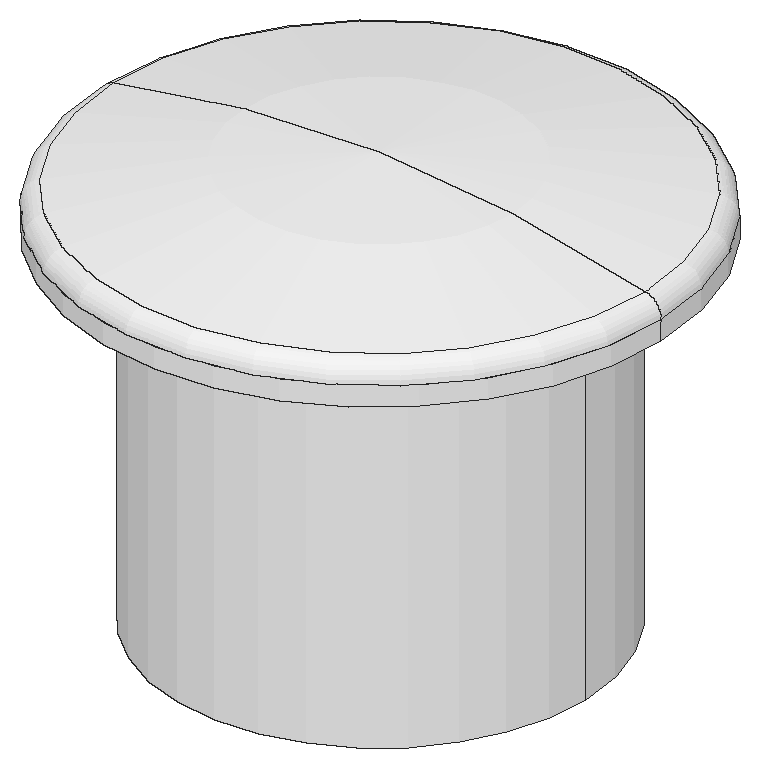
Revit family "Reece_Basin_LAUFEN_The New Classic_Wall or Above Counter Basin_800 mm", category Plumbing Fixtures, host Face, Revit 2018
Family settings
  Host = Face
  Round Connector Dimension = Use Diameter
  Part Type = Normal
  Cut with Voids When Loaded = Yes
  Shared = Yes
  Room Calculation Point = Yes
Parameters (values of type "1 Taphole_SaphirKeramik_White")
  URL = "https://www.reece.com.au/product/-9509860"
  Type Comments = "Basin"
  Reece_Product_Web Page = "https://www.reece.com.au/product/-9509860"
  Reece_Product_Type = "Basin"  # constant formula
  Reece_Product_Sub Brand = "The New Classic"  # constant formula
  Reece_Product_Number = "9509860"
  Reece_Product_Mount = "Wall Mounted"
  Reece_Product_Description = "LAUFEN The New Classic Wall/Counter Basin 1 Taphole with Overflow 800x480mm White"
  Reece_Product_Brand = "LAUFEN"  # constant formula
  Reece_Overall_Width = 800 mm  # constant formula
  Reece_Overall_Height = 120 mm  # constant formula
  Reece_Overall_Depth = 480 mm  # constant formula
  Reece_Material_Main = Reece_SaphirKeramik_White
  Reece_Height_From_Level [instance] = 900 mm
  Reece_Detail_Installation = "Wall / Above Counter Basin"  # constant formula
  Reece_Detail_Disclaimer = "THIS FILE IS THE PROPERTY OF THE REECE GROUP. IT MAY NOT BE REPRODUCED, REVERSE-ENGINEERED OR MODIFIED. ANY REPUBLICATION, TRANSMISSION OR DISTRIBUTION FOR THE PURPOSE OF COMMERCIALLY EXPLOITING THE FILES IS PROHIBITED."  # constant formula
  Reece_Detail_Connector = "1 Taphole"  # constant formula
  Reece_Detail_Additional = "Integrated Overflow"  # constant formula
  Reece_Basin_Taphole 1 = yes
  Reece_Basin_Outlet = 40 mm  # constant formula
  Model = "The New Classic"
  Manufacturer = "LAUFEN"
  Keynote = "Product #9509860, Reece_Basin_LAUFEN_The New Classic_Wall or Above Counter Basin_800 mm - 1 Taphole_SaphirKeramik_White"
  Disclaimer = "THIS FILE IS THE PROPERTY OF THE REECE GROUP. IT MAY NOT BE REPRODUCED, REVERSE-ENGINEERED OR MODIFIED. ANY REPUBLICATION, TRANSMISSION OR DISTRIBUTION FOR THE PURPOSE OF COMMERCIALLY EXPLOITING THE FILES IS PROHIBITED."  # constant formula
  Description = "LAUFEN The New Classic Wall / Counter Basin 1 Taphole with Over Flow 800x480mm White"
  Default Elevation = 0 mm
Reference planes
  plane 1 "Center (Front/Back)": y = 0
  plane 2 "Bottom Host Plane": z = -5
  plane 3 "Center (Left/Right)": x = 0
  plane 4: x = -400
  plane 5: x = 400
  plane 6 "Top Host Plane": z = 900
  plane 7: y = -480
  plane 8: y = -240
  plane 9: y = -130
  plane 10: y = -330
  plane 11: z = 760
  plane 12: y = -235
  plane 13: y = -70
  plane 14: x = 140
  plane 15: x = -140
  plane 16: z = 850
  plane 17: z = 735
  plane 18: x = -312.5
  plane 19: x = 312.5
  plane 20: z = 825
Forms (mm)
  Extrusion 1, void
    sketch origin (0, 0, 0) x (0, 1, 0) y (0, 0, 1)
      loop
        line (0, 825) -> (-330, 825) -> (-330, 735) -> (0, 735) -> (0, 825)
    from -400 to 400
Lines and regions (mm)
  model lines, style "InvisibleLines"
    curve 1: line (0, 0, -5) -> (0, 0, 900)
  model lines, visible <- "Reece_Basin_Taphole 1"
    curve 2: circle (-0.009, -70, 900) r 15 normal (0, 0, 1)
Text (mm)
  text "Reece ©" at (2721.902, -2127.292, 3167.619), in view "Reece Preview"
  text "Reece Copyright © 2018, Reece Ltd." at (-615.985, -694.172, 0), in view "Ref. Level"
Dimensions and locks
  "Reece_Overall_Width": plane 4 to plane 5
  equal spacing: plane 4, plane 3 "Center (Left/Right)", plane 5
  "Reece_Overall_Depth": plane 7 to plane 1 "Center (Front/Back)"
  equal spacing: plane 7, plane 8, plane 1 "Center (Front/Back)"
  locked: plane 6 "Top Host Plane" to plane 11 at 140
  plane 10 to plane 1 "Center (Front/Back)" = 330 mm
  plane 12 to plane 1 "Center (Front/Back)" = 235 mm
  plane 14 to plane 15 = 280 mm
  locked: plane 16 to plane 6 "Top Host Plane" at 50
  plane 11 to plane 6 "Top Host Plane" = 140 mm
  locked: plane 6 "Top Host Plane" to plane 17 at 165
  plane 18 to plane 19 = 625 mm
  plane 9 to plane 7 = 350 mm
  plane 12 to plane 13 = 165 mm
  curve 1 to plane 7 = 480 mm
  plane 6 "Top Host Plane" to plane 11 = 140 mm  (x2)
  plane 6 "Top Host Plane" to plane 17 = 165 mm  (x2)
  plane 17 to plane 6 "Top Host Plane" = 165 mm
  plane 5 to plane 4 = 800 mm
  plane 6 "Top Host Plane" to level = 900 mm  (x3)
  plane 6 "Top Host Plane" to plane 20 = 75 mm
  aligned and locked: plane 2 "Bottom Host Plane" to curve 1
  aligned and locked: plane 10 to Extrusion 1
  aligned and locked: Extrusion 1 to plane 1 "Center (Front/Back)"
  aligned and locked: Extrusion 1 to plane 5
Automatic sketch dimensions
  Extrusion 1 sketch curve to plane 10 = 0 mm
  Extrusion 1 sketch curve to plane 1 "Center (Front/Back)" = 0 mm
  Extrusion 1 sketch curve to plane 11 = 25 mm
  plane 16 to Extrusion 1 sketch curve = 25 mm
  curve 1 to plane 6 "Top Host Plane" = 0 mm
  plane 13 to curve 2 = 0 mm
  curve 2 to plane 3 "Center (Left/Right)" = 0.009 mm
  radius of curve 2 = 15 mm
Nested families
  nested 1: "Reece_Basin_LAUFEN_The New Classic_Wall or Above Counter Basin_800 mm_Nested" at (0, 0, 0), Reece_Material_Main <- "Reece_Material_Main", type "Reece_Basin_LAUFEN_The New Classic_Wall or Above Counter Basin_800 mm_Nested"
    with Reece_Material_Main Reece_SaphirKeramik_White
Connectors
  piping at (0, -235, 735), diameter 40, driven by "Reece_Basin_Outlet"
    settings: on nested 1, index 1, connector inside diameter 609.6 mm, connector length 0 mm, flow factor 0, pipe flow 0.0 L/s, pressure drop 0.0 Pa, fitting loss kfactor 0, connector angle 0.00°, fixture units 0, engagement length 0 mm, angle of deflection 0.00°, flow configuration 0, flow direction 2, fitting loss method 0, system type 16, joint type 0, gender type 0, connector reference index -1, connector utility 0, adjustable connector no, is connector primary yes, connector description ""
Definition of nested family "Reece_Basin_LAUFEN_The New Classic_Wall or Above Counter Basin_800 mm_Nested"
  Parameters (values of type "Reece_Basin_LAUFEN_The New Classic_Wall or Above Counter Basin_800 mm_Nested")
    Waste Connection = no
    WFU = 0
    Vent Connection = no
    URL = ""
    Type Comments = ""
    Reece_Material_Main [instance] = none
    Model = ""
    Manufacturer = ""
    Keynote = ""
    HWFU = 0
    HW Connection = no
    Description = ""
    Default Elevation = 0 mm
    Cost = 0
    CWFU = 0
    CW Connection = no
    Assembly Code = ""
  Reference planes
    plane 1 "Center (Front/Back)": y = 0
    plane 2 "Bottom Host Plane": z = -5
    plane 3 "Center (Left/Right)": x = 0
    plane 4: x = -400
    plane 5: x = 400
    plane 6: z = 900
    plane 7: y = -480
    plane 8: y = -130
    plane 9: y = -330
    plane 10: z = 760
    plane 11: y = -235
    plane 12: y = -70
    plane 13: x = 140
    plane 14: x = -140
    plane 15: z = 850
    plane 16: z = 735
    plane 17: x = -312.5
    plane 18: x = 312.5
    plane 19: z = 780
    plane 20: y = -305
  Forms (mm)
    Revolve 1, solid, material <- "Reece_Material_Main"
      sketch origin (170, -235, -125.312) x (1, 0, 0) y (0, 0, 1)
        loop
          line (-170, 878.75) -> (-170, 910.75)
          arc (-170, 910.75) -> (-180.216, 910.097) -> (-190.294, 908.298) r 90.733
          arc (-190.294, 908.298) -> (-191.157, 907.748) -> (-191.492, 906.781) r 1.558
          line (-191.492, 906.781) -> (-191.492, 905.312) -> (-185.736, 905.312) -> (-185.736, 878.75) -> (-184.149, 878.75) -> (-184.149, 882.191) -> (-182.487, 882.191) -> (-182.487, 878.75) -> (-170, 878.75)
        axis (-170, 910.75) -> (-170, 878.75)
      angle from 0 to 360
  Lines and regions (mm)
    symbolic lines
      curve 1: arc (-260.966, -194.697, 900) -> (-304.196, -251.672, 900) -> (-313.644, -322.564, 900) r 140
      curve 2: arc (260.966, -194.697, 900) -> (304.196, -251.672, 900) -> (313.644, -322.564, 900) r 140
      curve 3: line (-73.138, -130, 900) -> (73.138, -130, 900)
      curve 4: arc (73.138, -130, 900) -> (172.467, -146.627, 900) -> (260.966, -194.697, 900) r 305
      curve 5: arc (-73.138, -130, 900) -> (-172.467, -146.627, 900) -> (-260.966, -194.697, 900) r 305
      curve 6: line (-281.759, 0, 825) -> (-302.226, 0, 896.378)
      curve 7: arc (-307.032, 0, 900) -> (-304.023, 0, 898.993) -> (-302.226, 0, 896.378) r 5
      curve 8: line (281.759, 0, 825) -> (302.226, 0, 896.378)
      curve 9: arc (307.032, 0, 900) -> (304.023, 0, 898.993) -> (302.226, 0, 896.378) r 5
  Text (mm)
    text "Reece ©" at (2030.907, -3027.526, 2958.38), in view "Reece Preview"
    text "Reece Copyright © 2018, Reece Ltd." at (-615.985, -694.172, 0), in view "Ref. Level"
